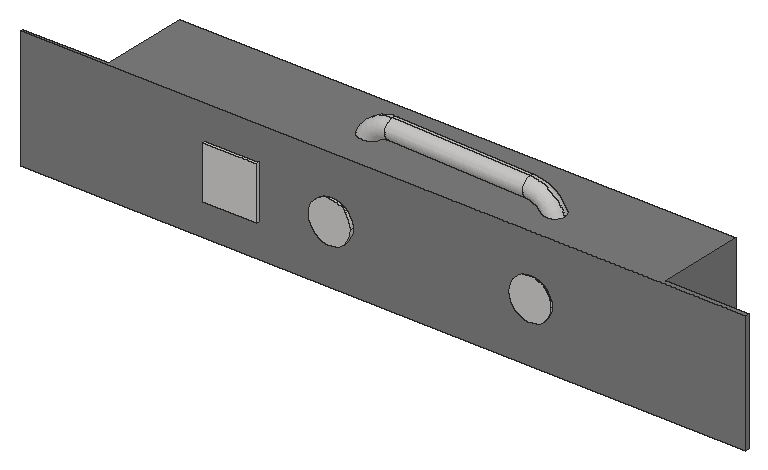
Revit family "400R", category Generic Models, Revit 2021
Family settings
  Can host rebar = No
  Round Connector Dimension = Use Diameter
  Part Type = Normal
  Work Plane-Based = No
  Always vertical = Yes
  Cut with Voids When Loaded = No
  Shared = No
  Room Calculation Point = No
Parameters (values of type "Standard")
  e-mail = "info@vola.com"
  URL = "http://vola.com"
  Telephone = "+45 7023 5500"
  Quality management standard = "ISO 9001"
  Organisation no. / DUNS no. = "17531328"
  Occupational health and safety management standard = "ISO 18001"
  Mounting Instructions = "http://vola.com/service/producturl.ashx?name=400R"
  Model = "400R"
  Materials and components information = "http://vola.com/service/producturl.ashx?name=400R"
  Manufacturer = "VOLA A/S"
  Maintenance Instructions = "http://vola.com/service/producturl.ashx?name=400R"
  Guarantee = "2 years"
  Flow = "15,00 l/min"
  Environmental management standard = "ISO 14000"
  Default Elevation = 0.00 mm
  Connection - All relevant connections = ""
  Approvals = "http://vola.com/service/producturl.ashx?name=400R"
Reference planes
  plane 1 "Center (Front/Back)": y = 0
  plane 2: z = 0
  plane 3 "Center (Left/Right)": x = 0
  plane 4: y = -73.5
  plane 5: y = -26
  plane 6: z = 69.25
Forms (mm)
  Extrusion 1, solid, material "Stainless Steel"
    sketch origin (0, -1, 0.25) x (1, 0, 0) y (0, 0, 1)
      loop
        circle (39, 69) r 16.5
    from 70.5 to 72.5
  Extrusion 2, solid, material "Stainless Steel"
    sketch origin (1032.5, -3.5, 0.25) x (-1, 0, 0) y (0, 0, -1)
      loop
        line (1092.5, -90) -> (1092.5, -48) -> (1050.5, -48) -> (1050.5, -90) -> (1092.5, -90)
    from 68 to 70
  Extrusion 3, solid, material "Default"
    sketch origin (0, -1, 0.25) x (1, 0, 0) y (0, 1, 0)
      loop
        line (-137.5, 1) -> (-137.5, -68) -> (298.5, -68) -> (298.5, 1) -> (-137.5, 1)
    from 21.5 to 116.5
  Extrusion 4, solid, material "Stainless Steel"
    sketch origin (0, -1, 21.75) x (0, 1, 0) y (1, 0, 0)
      loop
        circle (-25, -12) r 14
    from 0 to 21.75
  Extrusion 5, solid, material "Stainless Steel"
    sketch origin (-54, -1, 21.75) x (0, 1, 0) y (1, 0, 0)
      loop
        circle (-25, -12) r 14
    from 0 to 21.75
  Extrusion 6, solid, material "Stainless Steel"
    sketch origin (156, -1, 0.25) x (1, 0, 0) y (0, 0, 1)
      loop
        circle (39, 69) r 16.5
    from 70.5 to 71
  Extrusion 7, solid, material "Default"
    sketch origin (0, -1, 0.25) x (1, 0, 0) y (0, 1, 0)
      loop
        line (-205, -68) -> (-205, -70.5) -> (363.5, -70.5) -> (363.5, -68) -> (-205, -68)
    from 21.5 to 116.5
  Sweep 8, solid, material "Stainless Steel"
    path origin (0.024, -37.639, 138.25) x (-0.999391, 0.034899, 0) y (0, 0, 1)
      loop
        line (-39, -69) -> (-39, -32.81)
        arc (-39, -32.81) -> (-45.59, -16.9) -> (-61.5, -10.31) r 22.5
        line (-61.5, -10.31) -> (-172.5, -10.31)
        arc (-172.5, -10.31) -> (-188.41, -16.9) -> (-195, -32.81) r 22.5
        line (-195, -32.81) -> (-195, -69)
    profile origin (39, -39, 87.345) x (0.999391, -0.034899, 0) y (0.034899, 0.999391, 0)
      loop
        circle (0, 0) r 7.5
  Extrusion 9, void
    sketch origin (0, -1, 116.75) x (0, 1, 0) y (1, 0, 0)
      loop
        line (-70.5, 206.673) -> (-70.5, 16.673) -> (-15.5, 16.673) -> (-15.5, 206.673) -> (-70.5, 206.673)
    from 0 to 81.589
Cuts and joins
  joined: Extrusion 3, Extrusion 7
  Extrusion 9 cuts Extrusion 1
  Extrusion 9 cuts Extrusion 6
  Extrusion 9 cuts Sweep 8
Lines and regions (mm)
  reference lines
    curve 1: line (-39, -26, 69.25) -> (-39, -123.5, 69.25)
    curve 2: line (39, -26, 69.25) -> (39, -123.5, 69.25)
    curve 3: line (-66, -26, 69.25) -> (-66, -26, -29.75)
    curve 4: line (-12, -26, 69.25) -> (-12, -26, -29.75)
    curve 5: line (195, -26, 69.25) -> (195, -123.5, 69.25)
    curve 6: line (39, -39, 69.25) -> (39, -39, -29.75)
Dimensions and locks
  aligned and locked: plane 2 to level
  aligned and locked: Extrusion 7 to Extrusion 3
  aligned and locked: Extrusion 3 to Extrusion 7
